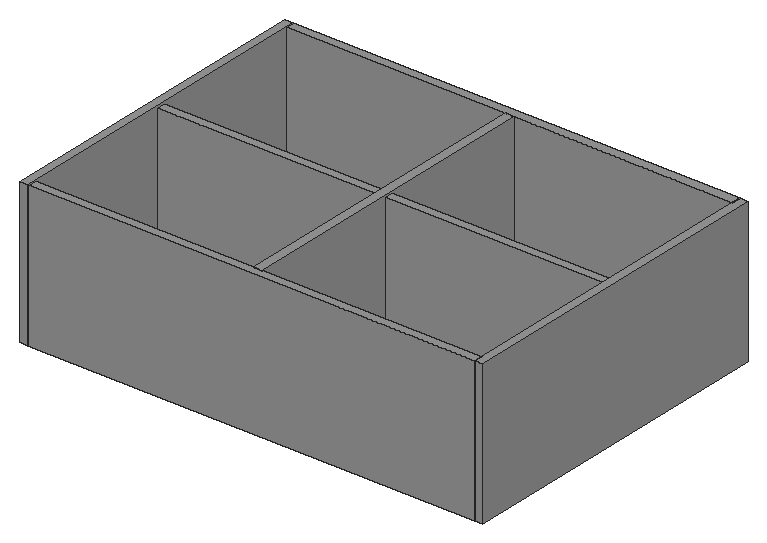
Revit family "TMI - W1060 - Wall_Open1", category Casework, host Face, Revit 2016
Family settings
  Host = Face
  OmniClass Number = 23.40.35.14.11
  OmniClass Title = Modular Casework
  Cut with Voids When Loaded = No
  Shared = No
  Room Calculation Point = No
Parameters (values of type "42" x 30" x 13"")
  Width = 42"
  Vertical [instance] = yes
  URL = "www.tmisystems.com"
  Two Shelves [instance] = Shelf Quantity = 2  # no
  Three Shelves [instance] = Shelf Quantity = 3  # no
  Shelf Thickness = 3/4"
  Shelf Quantity [instance] = 1
  One Vertical [instance] = Vertical  # yes
  One Shelf [instance] = Shelf Quantity = 1  # yes
  Model = "W1060"
  Manufacturer = "TMI Systems Corporation"
  Interior Finish = none
  Height = 30"
  Filler Width (Right) [instance] = 3"
  Filler Width (Left) [instance] = 3"
  Filler Right [instance] = no
  Filler Left [instance] = no
  TFM Thickness = 1/32"
  Description = "Wall, Open, Adj. Shelf"
  Depth = 13"
  Default Elevation = 84"
  Casework Thickness = 3/4"
  Casework Back Thickness = 1/4"
  Cabinet Finish = Plastic Laminate
Types (9): name | Width
  24" x 30" x 13" | 24"
  27" x 30" x 13" | 27"
  30" x 30" x 13" | 30"
  33" x 30" x 13" | 33"
  39" x 30" x 13" | 39"
  42" x 30" x 13" | 42"
  45" x 30" x 13" | 45"
  48" x 30" x 13" | 48"
  36" x 30" x 13" | 36"
Reference planes (in)
  plane 1 "Center (Front/Back)": y = 0
  plane 2: z = 0
  plane 3 "Center (Left/Right)": x = 0
  plane 4: x = -21
  plane 5: x = 21
  plane 6: y = -25.25
  plane 7: y = -4.75
  plane 8: x = -24
  plane 9: x = 24
  plane 10: z = 0.75
  plane 11: z = 1
  plane 12: y = -30
  plane 13: x = -20.25
  plane 14: y = -29.25
  plane 15: x = 20.25
  plane 16: y = -0.75
  plane 17: y = -7.3125
  plane 18: y = -8.0625
  plane 19: y = -14.625
  plane 20: y = -15.375
  plane 21: y = -19.5
  plane 22: y = -20.25
  plane 23: y = -21.9375
  plane 24: y = -22.6875
  plane 25: y = -9.75
  plane 26: y = -10.5
  plane 27: x = -0.375
  plane 28: x = 0.375
  plane 29: z = 12.875
  plane 30: z = 13
  plane 31: z = 12.25
  plane 32: y = -0.375
  plane 33: y = -29.61343
Forms (in)
  Extrusion 1, solid, material "Plastic Laminate" <- "Cabinet Finish"
    sketch origin (0, -30, 0) x (1, 0, 0) y (0, 1, 0)
      loop
        line (-21, 30) -> (-21, 0) -> (-20.25, 0) -> (-20.25, 30) -> (-21, 30)
      loop
        line (20.25, 30) -> (20.25, 0) -> (21, 0) -> (21, 30) -> (20.25, 30)
    from 0 to 13
  Extrusion 2, solid, material "Plastic Laminate" <- "Cabinet Finish"
    sketch origin (0, -30, 0) x (1, 0, 0) y (0, 1, 0)
      loop
        line (-20.25, 29.25) -> (20.25, 29.25) -> (20.25, 30) -> (-20.25, 30) -> (-20.25, 29.25)
      loop
        line (-20.25, 0.75) -> (-20.25, 0) -> (20.25, 0) -> (20.25, 0.75) -> (-20.25, 0.75)
    from 0 to 13
  Extrusion 3, solid, material "Wood"
    sketch origin (0, -30, 0) x (1, 0, 0) y (0, 1, 0)
      loop
        line (-20.28125, 29.25) -> (-20.28125, 25.25) -> (20.28125, 25.25) -> (20.28125, 29.25) -> (-20.28125, 29.25)
      loop
        line (-20.28125, 4.75) -> (-20.28125, 0.75) -> (20.28125, 0.75) -> (20.28125, 4.75) -> (-20.28125, 4.75)
    from 0 to 0.75
  Extrusion 4, solid, material "Plastic Laminate" <- "Cabinet Finish"
    sketch origin (0, 0, 0) x (1, 0, 0) y (0, 0, 1)
      loop
        line (-20.28125, 1) -> (-20.28125, 0.75) -> (20.28125, 0.75) -> (20.28125, 1) -> (-20.28125, 1)
    from 0.375 to 29.61343
  Extrusion 5, solid, material "Plastic Laminate" <- "Cabinet Finish", visible <- "Filler Left"
    sketch origin (0, -30, 0) x (1, 0, 0) y (0, 1, 0)
      loop
        line (-24, 30) -> (-24, 0) -> (-21, 0) -> (-21, 30) -> (-24, 30)
    from 12.25 to 13
  Extrusion 6, solid, material "Plastic Laminate" <- "Cabinet Finish", visible <- "Filler Right"
    sketch origin (0, -30, 0) x (1, 0, 0) y (0, 1, 0)
      loop
        line (24, 30) -> (21, 30) -> (21, 0) -> (24, 0) -> (24, 30)
    from 12.25 to 13
  Extrusion 7, solid, material "Plastic Laminate" <- "Cabinet Finish", visible <- "Three Shelves"
    sketch origin (0, 0, 0) x (1, 0, 0) y (0, 1, 0)
      loop
        line (-20.25, -7.3125) -> (-20.25, -8.0625) -> (20.25, -8.0625) -> (20.25, -7.3125) -> (-20.25, -7.3125)
    from 1 to 12.875
  Extrusion 8, solid, material "Plastic Laminate" <- "Cabinet Finish", visible <- "Two Shelves"
    sketch origin (0, 0, 0) x (1, 0, 0) y (0, 1, 0)
      loop
        line (-20.25, -9.75) -> (-20.25, -10.5) -> (20.25, -10.5) -> (20.25, -9.75) -> (-20.25, -9.75)
    from 1 to 12.875
  Extrusion 9, solid, material "Plastic Laminate" <- "Cabinet Finish", visible <- "Three Shelves"
    sketch origin (0, 0, 0) x (1, 0, 0) y (0, 1, 0)
      loop
        line (-20.25, -14.625) -> (-20.25, -15.375) -> (20.25, -15.375) -> (20.25, -14.625) -> (-20.25, -14.625)
    from 1 to 12.875
  Extrusion 10, solid, material "Plastic Laminate" <- "Cabinet Finish", visible <- "Two Shelves"
    sketch origin (0, 0, 0) x (1, 0, 0) y (0, 1, 0)
      loop
        line (-20.25, -19.5) -> (-20.25, -20.25) -> (20.25, -20.25) -> (20.25, -19.5) -> (-20.25, -19.5)
    from 1 to 12.875
  Extrusion 11, solid, material "Plastic Laminate" <- "Cabinet Finish", visible <- "Three Shelves"
    sketch origin (0, 0, 0) x (1, 0, 0) y (0, 1, 0)
      loop
        line (-20.25, -21.9375) -> (-20.25, -22.6875) -> (20.25, -22.6875) -> (20.25, -21.9375) -> (-20.25, -21.9375)
    from 1 to 12.875
  Extrusion 12, solid, material "Plastic Laminate" <- "Cabinet Finish", visible <- "One Shelf"
    sketch origin (0, 0, 0) x (1, 0, 0) y (0, 1, 0)
      loop
        line (-20.25, -14.625) -> (-20.25, -15.375) -> (20.25, -15.375) -> (20.25, -14.625) -> (-20.25, -14.625)
    from 1 to 12.875
  Extrusion 13, solid, material "Plastic Laminate" <- "Cabinet Finish", visible <- "One Vertical"
    sketch origin (0, 0, 0) x (1, 0, 0) y (0, 1, 0)
      loop
        line (-0.375, -0.75) -> (-0.375, -29.25) -> (0.375, -29.25) -> (0.375, -0.75) -> (-0.375, -0.75)
    from 1 to 13
Lines and regions (in)
  Masking region 1
    outline origin (0, 0, 0) x (1, 0, 0) y (0, 0, 1)
      loop
        line (-21, 13) -> (-21, 0) -> (21, 0) -> (21, 13) -> (-21, 13)
  Masking region 2, visible <- "Filler Left"
    outline origin (0, 0, 0) x (1, 0, 0) y (0, 0, 1)
      loop
        line (-24, 13) -> (-24, 12.25) -> (-21, 12.25) -> (-21, 13) -> (-24, 13)
  Masking region 3, visible <- "Filler Right"
    outline origin (0, 0, 0) x (1, 0, 0) y (0, 0, 1)
      loop
        line (21, 13) -> (21, 12.25) -> (24, 12.25) -> (24, 13) -> (21, 13)
  symbolic lines
    curve 1: line (21, 0, 0) -> (21, -30, 0)
  symbolic lines, style "CaseworkHiddenLines", visible <- "Three Shelves"
    curve 2: line (0, -7.3125, 1) -> (0, -7.3125, 12.875)
    curve 3: line (0, -7.3125, 12.875) -> (0, -8.0625, 12.875)
    curve 4: line (0, -8.0625, 12.875) -> (0, -8.0625, 1)
    curve 14: line (0, -21.9375, 1) -> (0, -21.9375, 12.875)
    curve 15: line (0, -21.9375, 12.875) -> (0, -22.6875, 12.875)
    curve 16: line (0, -22.6875, 12.875) -> (0, -22.6875, 1)
    curve 17: line (0, -14.625, 12.875) -> (0, -14.625, 1)
    curve 18: line (0, -14.625, 12.875) -> (0, -15.375, 12.875)
    curve 19: line (0, -15.375, 12.875) -> (0, -15.375, 1)
  symbolic lines, style "CaseworkHiddenLines", visible <- "Two Shelves"
    curve 5: line (0, -9.75, 1) -> (0, -9.75, 12.875)
    curve 6: line (0, -9.75, 12.875) -> (0, -10.5, 12.875)
    curve 7: line (0, -10.5, 12.875) -> (0, -10.5, 1)
    curve 11: line (0, -19.5, 12.875) -> (0, -19.5, 1)
    curve 12: line (0, -19.5, 12.875) -> (0, -20.25, 12.875)
    curve 13: line (0, -20.25, 12.875) -> (0, -20.25, 1)
  symbolic lines, style "CaseworkHiddenLines", visible <- "One Shelf"
    curve 8: line (0, -14.625, 12.875) -> (0, -14.625, 1)
    curve 9: line (0, -14.625, 12.875) -> (0, -15.375, 12.875)
    curve 10: line (0, -15.375, 12.875) -> (0, -15.375, 1)
Dimensions and locks (in)
  "Casework Thickness": plane 4 to plane 13
  "Casework Thickness": plane 15 to plane 5
  "Filler Width (Left)": plane 8 to plane 4
  "Filler Width (Right)": plane 5 to plane 9
  "Height": plane 1 "Center (Front/Back)" to plane 12
  "Width": plane 4 to plane 5
  equal spacing: plane 4, plane 3 "Center (Left/Right)", plane 5
  "Casework Thickness": plane 10 to plane 2
  "Casework Back Thickness": plane 11 to plane 10
  "Shelf Thickness": plane 17 to plane 18
  "Shelf Thickness": plane 19 to plane 20
  "Shelf Thickness": plane 21 to plane 22
  "Shelf Thickness": plane 23 to plane 24
  "Shelf Thickness": plane 25 to plane 26
  "Casework Thickness": plane 14 to plane 12
  "Casework Thickness": plane 16 to plane 1 "Center (Front/Back)"
  equal spacing: plane 14, plane 23, plane 19, plane 17, plane 1 "Center (Front/Back)"
  equal spacing: plane 14, plane 21, plane 25, plane 1 "Center (Front/Back)"
  "Casework Thickness": plane 27 to plane 28
  equal spacing: plane 27, plane 3 "Center (Left/Right)", plane 28
  "Depth": plane 30 to plane 2
  plane 13 to plane 15 = 40 1/2"
  locked: plane 6 to plane 14 at 4
  locked: plane 7 to plane 16 at 4
  locked: plane 30 to plane 29 at 0.125
  locked: plane 30 to plane 31 at 0.75
  locked: plane 14 to plane 33 at 0.36343
  locked: plane 32 to plane 16 at 0.375
  aligned and locked: plane 2 to host face
  aligned and locked: level to host face
  aligned and locked: plane 4 to Extrusion 1 sketch curve
  aligned and locked: Extrusion 1 sketch curve to plane 5
  aligned and locked: Extrusion 1 to plane 2
  aligned and locked: Extrusion 2 to plane 2
  aligned and locked: Extrusion 3 to plane 2
  aligned and locked: Extrusion 3 to plane 10
  aligned and locked: Extrusion 4 sketch curve to plane 11
  aligned and locked: Extrusion 4 sketch curve to plane 10
  aligned and locked: plane 8 to Extrusion 5 sketch curve
  aligned and locked: Extrusion 5 sketch curve to plane 4
  aligned and locked: plane 9 to Extrusion 6 sketch curve
  aligned and locked: Extrusion 6 sketch curve to plane 5
  aligned and locked: curve 1 to plane 5
  aligned and locked: Extrusion 2 to plane 1 "Center (Front/Back)"  (x4)
  aligned and locked: Extrusion 3 to plane 7
  aligned and locked: Extrusion 7 sketch curve to plane 17
  aligned and locked: plane 13 to Extrusion 7 sketch curve
  aligned and locked: Extrusion 7 sketch curve to plane 18
  aligned and locked: plane 15 to Extrusion 7 sketch curve
  aligned and locked: Extrusion 8 sketch curve to plane 25
  aligned and locked: plane 13 to Extrusion 8 sketch curve
  aligned and locked: Extrusion 8 sketch curve to plane 26
  aligned and locked: plane 15 to Extrusion 8 sketch curve
  aligned and locked: Extrusion 9 sketch curve to plane 19
  aligned and locked: plane 13 to Extrusion 9 sketch curve
  aligned and locked: Extrusion 9 sketch curve to plane 20
  aligned and locked: plane 15 to Extrusion 9 sketch curve
  aligned and locked: Extrusion 10 sketch curve to plane 21
  aligned and locked: plane 13 to Extrusion 10 sketch curve
  aligned and locked: Extrusion 10 sketch curve to plane 22
  aligned and locked: plane 15 to Extrusion 10 sketch curve
  aligned and locked: Extrusion 11 sketch curve to plane 23
  aligned and locked: plane 13 to Extrusion 11 sketch curve
  aligned and locked: Extrusion 11 sketch curve to plane 24
  aligned and locked: plane 15 to Extrusion 11 sketch curve
  aligned and locked: Extrusion 11 to plane 11
  aligned and locked: Extrusion 10 to plane 11
  aligned and locked: Extrusion 9 to plane 11
  aligned and locked: Extrusion 8 to plane 11
  aligned and locked: Extrusion 7 to plane 11
  aligned and locked: plane 4 to Extrusion 5  (x3)
  aligned and locked: Extrusion 1 to plane 1 "Center (Front/Back)"  (x4)
  aligned and locked: Extrusion 6 to plane 5  (x2)
  aligned and locked: Extrusion 1 to plane 4
  aligned and locked: Extrusion 2 to plane 12  (x2)
  aligned and locked: plane 5 to Extrusion 1
  aligned and locked: Extrusion 1 to plane 12  (x2)
  aligned and locked: Extrusion 12 sketch curve to plane 20
  aligned and locked: Extrusion 12 sketch curve to plane 19
  aligned and locked: plane 15 to Extrusion 12 sketch curve
  aligned and locked: plane 13 to Extrusion 12 sketch curve
  aligned and locked: Extrusion 12 to plane 11
  aligned and locked: plane 2 to Masking region 1 sketch curve
  aligned and locked: Masking region 1 sketch curve to plane 5
  aligned and locked: plane 4 to Masking region 1 sketch curve
  aligned and locked: Extrusion 2 to plane 16
  aligned and locked: plane 13 to Extrusion 1
  aligned and locked: Extrusion 2 to plane 13  (x2)
  aligned and locked: Extrusion 2 to plane 14
  aligned and locked: plane 15 to Extrusion 1
  aligned and locked: Extrusion 2 to plane 15  (x2)
  aligned and locked: plane 27 to Extrusion 13 sketch curve
  aligned and locked: plane 28 to Extrusion 13 sketch curve
  aligned and locked: plane 14 to Extrusion 13 sketch curve
  aligned and locked: plane 16 to Extrusion 13 sketch curve
  aligned and locked: Extrusion 13 to plane 11
  aligned and locked: plane 8 to Masking region 2 sketch curve
  aligned and locked: Masking region 2 sketch curve to plane 4
  aligned and locked: plane 5 to Masking region 3 sketch curve
  aligned and locked: Masking region 3 sketch curve to plane 9
  aligned and locked: plane 30 to Masking region 1
  aligned and locked: plane 30 to Extrusion 5
  aligned and locked: plane 30 to Extrusion 1
  aligned and locked: Extrusion 6 to plane 30
  aligned and locked: plane 30 to Extrusion 13
  aligned and locked: plane 30 to Extrusion 2
  aligned and locked: plane 29 to Extrusion 11
  aligned and locked: plane 29 to Extrusion 12
  aligned and locked: plane 29 to Extrusion 8
  aligned and locked: plane 29 to Extrusion 7
  aligned and locked: plane 29 to Extrusion 10
  aligned and locked: plane 29 to Extrusion 9
  aligned and locked: plane 11 to curve 5
  aligned and locked: plane 11 to curve 7
  aligned and locked: plane 11 to curve 2
  aligned and locked: plane 11 to curve 4
  aligned and locked: plane 11 to curve 17
  aligned and locked: plane 11 to curve 19
  aligned and locked: plane 11 to curve 8
  aligned and locked: plane 11 to curve 10
  aligned and locked: plane 11 to curve 11
  aligned and locked: plane 11 to curve 13
  aligned and locked: plane 11 to curve 14
  aligned and locked: plane 11 to curve 16
  aligned and locked: plane 18 to curve 4
  aligned and locked: curve 2 to plane 17
  aligned and locked: curve 5 to plane 25
  aligned and locked: plane 26 to curve 7
  aligned and locked: plane 20 to curve 19
  aligned and locked: plane 19 to curve 17
  aligned and locked: curve 6 to plane 29
  aligned and locked: curve 3 to plane 29
  aligned and locked: curve 18 to plane 29
  aligned and locked: curve 13 to Extrusion 10
  aligned and locked: Extrusion 10 to curve 11
  aligned and locked: curve 12 to plane 29
  aligned and locked: curve 14 to plane 23
  aligned and locked: plane 24 to curve 16
  aligned and locked: curve 15 to plane 29
  aligned and locked: Extrusion 6 to plane 31
  aligned and locked: Extrusion 5 to plane 31
  aligned and locked: Extrusion 3 to plane 14
  aligned and locked: Extrusion 3 to plane 16
  aligned and locked: Extrusion 4 to plane 32
  aligned and locked: plane 33 to Extrusion 4
  aligned and locked: plane 6 to Extrusion 3
  aligned and locked: Masking region 2 to plane 31
  aligned and locked: Masking region 3 to plane 31
Automatic sketch dimensions
  host sketch curve to host sketch curve = 96"
  host sketch curve to host sketch curve = 95"
  curve 1 to plane 12 = 0"
  plane 1 "Center (Front/Back)" to curve 1 = 0"
  Extrusion 1 sketch curve to plane 12 = 0"  (x2)
  plane 1 "Center (Front/Back)" to Extrusion 1 sketch curve = 0"  (x2)
  Extrusion 2 sketch curve to plane 12 = 0"
  plane 1 "Center (Front/Back)" to Extrusion 2 sketch curve = 0"
  plane 6 to Extrusion 3 sketch curve = 0"
  Extrusion 3 sketch curve to plane 7 = 0"
  Extrusion 5 sketch curve to plane 12 = 0"
  plane 1 "Center (Front/Back)" to Extrusion 5 sketch curve = 0"
  Extrusion 6 sketch curve to plane 12 = 0"
  plane 1 "Center (Front/Back)" to Extrusion 6 sketch curve = 0"
  Extrusion 2 sketch curve to plane 16 = 0"
  Extrusion 3 sketch curve to plane 16 = 0"
  Extrusion 1 sketch curve to plane 13 = 0"
  Extrusion 2 sketch curve to plane 13 = 0"  (x2)
  Extrusion 3 sketch curve to plane 13 = 1/32"  (x2)
  Extrusion 4 sketch curve to plane 13 = 1/32"
  Extrusion 2 sketch curve to plane 14 = 0"
  Extrusion 3 sketch curve to plane 14 = 0"
  Extrusion 1 sketch curve to plane 15 = 0"
  Extrusion 2 sketch curve to plane 15 = 0"  (x2)
  Extrusion 3 sketch curve to plane 15 = 1/32"  (x2)
  Extrusion 4 sketch curve to plane 15 = 1/32"
  plane 30 to Masking region 1 sketch curve = 0"
  plane 29 to Masking region 2 sketch curve = 1/8"
  plane 29 to Masking region 3 sketch curve = 1/8"
  level to Masking region 2 sketch curve = 12 1/4"
  level to Masking region 3 sketch curve = 12 1/4"
